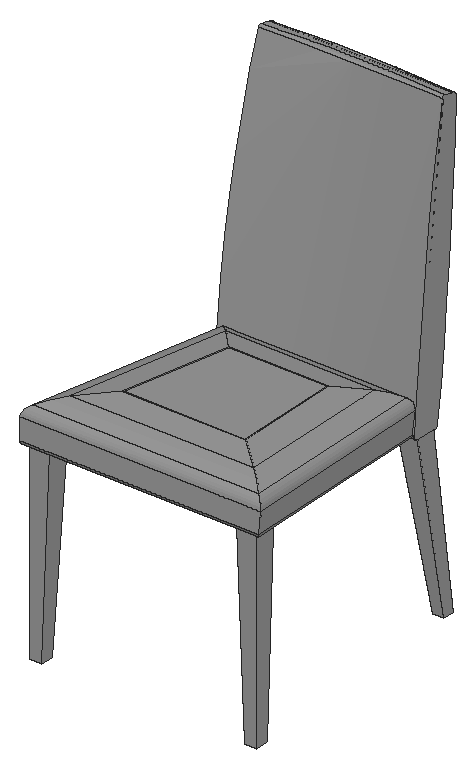
Revit family "Andreu World_Anna_SI1382", category Furniture, Revit 2013
Parameters (values of type "SI-1382")
  Wood = Andreu World Beech
  Width = 470 mm
  Upholstery Material = Andreu World Fabric
  URL = "http://www.andreuworld.com/"
  Seat Height = 460 mm
  Reference = "SI-1382"
  Model = "Anna"
  Manufacturer = "Andreu World"
  Height = 925 mm
  Front Legs Height = 435 mm
  Description = "Chair with upholstered seat and backrest and solid beech wood frame. High back version and removable covers."
  Depth = 565 mm
  Arms Height = 650 mm
Reference planes
  plane 1 "Center (Front/Back)": y = 0
  plane 2: z = 0
  plane 3 "Center (Left/Right)": x = 0
  plane 4 "Left": x = -235
  plane 5 "Right": x = 235
  plane 6 "Back": y = 282.5
  plane 7 "Front": y = -282.5
  plane 8 "Seat Height": z = 460
  plane 9 "Height": z = 925
  plane 10 "Front Legs Height": z = 435
  plane 11 "Back Legs 01": z = 353.275
  plane 12 "Back Legs Height": z = 895
  plane 13 "Seat Base": through (0, 154.276, 353.275) normal (0, 0.0684, 0.9977)
  plane 14 "Seat Top": through (0, -483.101, 492.171) normal (0, -0.0684, -0.9977)
Forms (mm)
  Blend 1, solid, material "Andreu World Beech" <- "Wood", detail levels medium+fine
    base sketch origin (0, 0, 0) x (1, 0, 0) y (0, 1, 0)
      loop
        line (227.951, -278.297) -> (227.951, -253.297) -> (202.951, -253.297) -> (202.951, -278.297) -> (227.951, -278.297)
    top sketch origin (0, 0, 0) x (1, 0, 0) y (0, 1, 0)
      loop
        line (227.951, -278.297) -> (227.951, -235.297) -> (184.951, -235.297) -> (184.951, -278.297) -> (227.951, -278.297)
    from 0 to 435
  Blend 2, solid, material "Andreu World Beech" <- "Wood", detail levels medium+fine
    base sketch origin (0, 0, 0) x (1, 0, 0) y (0, 1, 0)
      loop
        line (196.335, 251.827) -> (174.335, 251.827) -> (174.335, 229.827) -> (196.335, 229.827) -> (196.335, 251.827)
    top sketch origin (0, 0, 0) x (1, 0, 0) y (0, 1, 0)
      loop
        line (191.448, 206.776) -> (151.448, 206.776) -> (151.448, 166.776) -> (191.448, 166.776) -> (191.448, 206.776)
    from 0 to 353.275
  Blend 3, solid, material "Andreu World Beech" <- "Wood", detail levels medium+fine
    base sketch origin (0, 0, 0) x (-1, 0, 0) y (0, -1, 0)
      loop
        line (227.951, 278.297) -> (202.951, 278.297) -> (202.951, 253.297) -> (227.951, 253.297) -> (227.951, 278.297)
    top sketch origin (0, 0, 0) x (-1, 0, 0) y (0, -1, 0)
      loop
        line (227.951, 278.297) -> (184.951, 278.297) -> (184.951, 235.297) -> (227.951, 235.297) -> (227.951, 278.297)
    from 0 to 435
  Blend 4, solid, material "Andreu World Beech" <- "Wood", detail levels medium+fine
    base sketch origin (0, 0, 0) x (-1, 0, 0) y (0, -1, 0)
      loop
        line (196.335, -251.827) -> (196.335, -229.827) -> (174.335, -229.827) -> (174.335, -251.827) -> (196.335, -251.827)
    top sketch origin (0, 0, 0) x (-1, 0, 0) y (0, -1, 0)
      loop
        line (191.448, -206.776) -> (191.448, -166.776) -> (151.448, -166.776) -> (151.448, -206.776) -> (191.448, -206.776)
    from 0 to 353.275
  Extrusion 5, solid, material "Andreu World Fabric" <- "Upholstery Material", detail levels medium+fine
    sketch origin (0, 24.814, 362.146) x (0, 0.997661, -0.06836) y (-1, 0, 0)
      loop
        line (32.162, 101.99) -> (-204.866, 126.103) -> (-204.866, -120.169) -> (32.162, -96.055) -> (32.162, 101.99)
    from -0.12 to 95
  Sweep 6, solid, material "Andreu World Fabric" <- "Upholstery Material", detail levels medium+fine
    path origin (0, 24.814, 362.146) x (0, 0.997661, -0.06836) y (-1, 0, 0)
      loop
        line (-204.866, 126.103) -> (-204.866, -120.169) -> (32.162, -96.055) -> (32.162, 101.99) -> (-204.866, 126.103)
    profile origin (-2.967, -179.573, 376.151) x (0, 0.997661, -0.06836) y (0, 0.06836, 0.997661)
      loop
        arc (0, 95.057) -> (-27.887, 91.972) -> (-55.299, 85.995) r 268.495
        arc (-55.299, 85.995) -> (-75.105, 78.939) -> (-93.63, 68.993) r 139.838
        arc (-93.63, 68.993) -> (-102.999, 60.15) -> (-106.788, 47.837) r 25.257
        arc (-106.788, 47.837) -> (-106.843, 27.128) -> (-105.324, 6.474) r 272.409
        arc (-105.324, 6.474) -> (-103.641, 1.836) -> (-99.112, -0.12) r 6.223
        line (-99.112, -0.12) -> (0, -0.12) -> (0, 95.057)
  Sweep 7, solid, material "Andreu World Fabric" <- "Upholstery Material", detail levels medium+fine
    path origin (0, 2.567, 925) x (-1, 0, 0) y (0, -1, 0)
      loop
        arc (235, -259.831) -> (0, -273.667) -> (-235, -259.831) r 2002.606
    profile origin (0, 276.235, 925) x (0, 1, 0) y (0, 0, 1)
      loop
        line (-0.733, -1.341) -> (-20.748, 2.245)
        arc (-20.748, 2.245) -> (-24.345, 1.522) -> (-26.48, -1.462) r 5
        arc (-26.48, -1.462) -> (-83.058, -281.928) -> (-113.446, -566.424) r 3089.428
        arc (-113.446, -566.424) -> (-112.095, -570.152) -> (-108.455, -571.725) r 5
        line (-108.455, -571.725) -> (-63.229, -571.725)
        arc (-63.229, -571.725) -> (-59.904, -570.458) -> (-58.263, -567.301) r 5
        line (-58.263, -567.301) -> (6.344, -10.866)
        arc (6.344, -10.866) -> (4.693, -4.702) -> (-0.733, -1.341) r 8.662
  Extrusion 8, void
    sketch origin (0, 0, 0) x (1, 0, 0) y (0, 0, 1)
      loop
        line (-300, 353.275) -> (-200.361, 353.275)
        arc (-200.361, 353.275) -> (-195.855, 667.588) -> (-180, 981.533) r 8701.938
        line (-180, 981.533) -> (-300, 981.533) -> (-300, 353.275)
    from -392.28 to -84.235
  Extrusion 9, void
    sketch origin (0, 0, 0) x (-1, 0, 0) y (0, 0, -1)
      loop
        line (-300, -353.275) -> (-300, -981.533) -> (-180, -981.533)
        arc (-180, -981.533) -> (-195.855, -667.588) -> (-200.361, -353.275) r 8701.938
        line (-200.361, -353.275) -> (-300, -353.275)
    from -392.28 to -84.235
Cuts and joins
  Extrusion 8 cuts Blend 3
  Extrusion 8, Extrusion 9 cuts Sweep 7
Lines and regions (mm)
  model lines, detail levels coarse+medium
    curve 1: line (224.657, -286.673, 0) -> (-224.657, -286.673, 0)
    curve 2: arc (-191.92, 273.918, 0) -> (-0.592, 283.195, 0) -> (190.736, 273.918, 0) r 1977.781
    curve 3: line (-196.335, 229.827, 0) -> (-196.335, 251.827, 0)
    curve 4: line (-174.335, 229.827, 0) -> (-196.335, 229.827, 0)
    curve 5: line (-174.335, 251.827, 0) -> (-174.335, 229.827, 0)
    curve 6: line (174.335, 229.827, 0) -> (174.335, 251.827, 0)
    curve 7: line (196.335, 229.827, 0) -> (174.335, 229.827, 0)
    curve 8: line (196.335, 251.827, 0) -> (196.335, 229.827, 0)
    curve 9: line (174.335, 251.827, 0) -> (196.335, 251.827, 0)
    curve 10: line (202.951, -278.297, 0) -> (227.951, -278.297, 0)
    curve 11: line (202.951, -278.297, 0) -> (202.951, -253.297, 0)
    curve 12: line (202.951, -253.297, 0) -> (227.951, -253.297, 0)
    curve 13: line (227.951, -278.297, 0) -> (227.951, -253.297, 0)
    curve 14: line (-227.951, -253.297, 0) -> (-227.951, -278.297, 0)
    curve 15: line (-227.951, -253.297, 0) -> (-202.951, -253.297, 0)
    curve 16: line (-202.951, -253.297, 0) -> (-202.951, -278.297, 0)
    curve 17: line (-227.951, -278.297, 0) -> (-202.951, -278.297, 0)
    curve 18: arc (224.657, -286.673, 0) -> (232.078, -283.376, 0) -> (234.605, -275.659, 0) r 10
    curve 19: line (-200.953, 128.829, 0) -> (-234.605, -275.659, 0)
    curve 20: arc (-224.657, -286.673, 0) -> (-232.078, -283.376, 0) -> (-234.605, -275.659, 0) r 10
    curve 21: line (-200.953, 128.829, 0) -> (-200.953, 263.965, 0)
    curve 22: line (199.768, 263.965, 0) -> (199.768, 143.067, 0)
    curve 23: line (234.605, -275.659, 0) -> (199.768, 143.067, 0)
    curve 24: arc (-200.953, 163.201, 0) -> (-0.594, 167.664, 0) -> (199.768, 163.327, 0) r 4563.76
    curve 25: arc (-191.92, 273.918, 0) -> (-198.358, 270.686, 0) -> (-200.953, 263.965, 0) r 10
    curve 26: arc (199.768, 263.965, 0) -> (197.174, 270.686, 0) -> (190.736, 273.918, 0) r 10
    curve 27: line (-196.335, 251.827, 0) -> (-174.335, 251.827, 0)
Dimensions and locks
  "Width": plane 4 "Left" to plane 5 "Right"
  equal spacing: plane 4 "Left", plane 3 "Center (Left/Right)", plane 5 "Right"
  "Depth": plane 6 "Back" to plane 7 "Front"
  equal spacing: plane 6 "Back", plane 1 "Center (Front/Back)", plane 7 "Front"
  "Seat Height": plane 8 "Seat Height" to level
  "Height": plane 9 "Height" to level
  "Front Legs Height": plane 10 "Front Legs Height" to level
  locked: plane 9 "Height" to plane 12 "Back Legs Height" at 30
  plane 8 "Seat Height" to plane 10 "Front Legs Height" = 25 mm
  aligned and locked: level to plane 2
  aligned and locked: Blend 1 sketch curve to var sketch  (x2)
  aligned and locked: Blend 1 to level
  aligned and locked: Blend 2 to plane 11 "Back Legs 01"
  aligned and locked: Blend 2 to level
  aligned and locked: Blend 3 sketch curve to var sketch  (x2)
  aligned and locked: Extrusion 5 to plane 14 "Seat Top"
  aligned and locked: Sweep 6 sketch curve to Extrusion 5  (x5)
  aligned and locked: curve 27 to Blend 4
Automatic sketch dimensions
  plane 7 "Front" to Blend 1 sketch curve = 4.203 mm
  Blend 1 sketch curve to plane 5 "Right" = 32.049 mm
  Blend 1 sketch curve to plane 5 "Right" = 7.049 mm
  plane 7 "Front" to Blend 1 sketch curve = 29.203 mm
  Blend 1 sketch curve to plane 5 "Right" = 50.049 mm
  plane 7 "Front" to Blend 1 sketch curve = 47.203 mm
  Blend 2 sketch curve to plane 5 "Right" = 60.665 mm
  Blend 2 sketch curve to plane 6 "Back" = 52.673 mm
  Blend 2 sketch curve to Blend 2 sketch curve = 22 mm  (x2)
  Blend 2 sketch curve to plane 5 "Right" = 83.552 mm
  Blend 2 sketch curve to plane 5 "Right" = 43.552 mm
  Blend 2 sketch curve to plane 6 "Back" = 115.724 mm
  Blend 2 sketch curve to Blend 2 sketch curve = 40 mm
  Blend 3 sketch curve to plane 7 "Front" = 4.203 mm
  Blend 3 sketch curve to plane 4 "Left" = 32.049 mm
  Blend 3 sketch curve to plane 4 "Left" = 7.049 mm
  Blend 3 sketch curve to plane 7 "Front" = 29.203 mm
  Blend 3 sketch curve to plane 4 "Left" = 50.049 mm
  Blend 3 sketch curve to plane 7 "Front" = 47.203 mm
  Blend 4 sketch curve to plane 4 "Left" = 60.665 mm
  plane 6 "Back" to Blend 4 sketch curve = 52.673 mm
  Blend 4 sketch curve to Blend 4 sketch curve = 22 mm  (x2)
  Blend 4 sketch curve to plane 4 "Left" = 83.552 mm
  Blend 4 sketch curve to plane 4 "Left" = 43.552 mm
  plane 6 "Back" to Blend 4 sketch curve = 115.724 mm
  Blend 4 sketch curve to Blend 4 sketch curve = 40 mm
  plane 4 "Left" to Extrusion 5 sketch curve = 108.897 mm
  Extrusion 5 sketch curve to plane 5 "Right" = 114.831 mm
  plane 3 "Center (Left/Right)" to Extrusion 5 sketch curve = 96.055 mm
  Extrusion 5 sketch curve to plane 3 "Center (Left/Right)" = 101.99 mm
  Extrusion 5 sketch curve to Extrusion 5 sketch curve = 237.028 mm
  Sweep 6 sketch curve to plane 13 "Seat Base" = 0.12 mm
  profile plane to Sweep 6 sketch curve = 99.112 mm
  plane 13 "Seat Base" to Sweep 6 sketch curve = 95.057 mm
  Sweep 6 sketch curve to Sweep 6 sketch curve = 7.677 mm
  Sweep 6 sketch curve to Sweep 6 sketch curve = 0 mm  (x2)
  Sweep 6 sketch curve to Sweep 6 sketch curve = 6.212 mm
  Sweep 6 sketch curve to Sweep 6 sketch curve = 13.158 mm
  Sweep 6 sketch curve to Sweep 6 sketch curve = 12.078 mm
  Sweep 6 sketch curve to Sweep 6 sketch curve = 38.331 mm
  profile plane to Sweep 6 sketch curve = 18.407 mm
  Sweep 6 sketch curve to profile plane = 15.535 mm
  plane 13 "Seat Base" to Sweep 6 sketch curve = 36.765 mm
  Sweep 6 sketch curve to profile plane = 165.396 mm
  Sweep 6 sketch curve to plane 13 "Seat Base" = 172.988 mm
  Sweep 7 sketch curve to plane 5 "Right" = 0 mm
  Sweep 7 sketch curve to plane 3 "Center (Left/Right)" = 0 mm
  Sweep 7 sketch curve to plane 4 "Left" = 0 mm
  Sweep 7 sketch curve to plane 6 "Back" = 20.101 mm
  Sweep 7 sketch curve to plane 7 "Front" = 1443.872 mm
  Extrusion 8 sketch curve to plane 11 "Back Legs 01" = 0 mm
  Extrusion 8 sketch curve to plane 4 "Left" = 65 mm
  plane 9 "Height" to Extrusion 8 sketch curve = 56.533 mm
  plane 4 "Left" to Extrusion 8 sketch curve = 34.639 mm
  Extrusion 8 sketch curve to Extrusion 8 sketch curve = 120 mm
  Extrusion 8 sketch curve to plane 11 "Back Legs 01" = 32.446 mm
  Extrusion 9 sketch curve to plane 11 "Back Legs 01" = 0 mm
  Extrusion 9 sketch curve to plane 5 "Right" = 65 mm
  Extrusion 9 sketch curve to plane 9 "Height" = 56.533 mm
  plane 5 "Right" to Extrusion 9 sketch curve = 34.639 mm
  Extrusion 9 sketch curve to Extrusion 9 sketch curve = 120 mm
  plane 11 "Back Legs 01" to Extrusion 9 sketch curve = 32.446 mm
  profile plane to Sweep 7 sketch curve = 108.455 mm
  profile plane to Sweep 7 sketch curve = 63.229 mm
  Sweep 7 sketch curve to plane 9 "Height" = 571.725 mm
  Sweep 7 sketch curve to Sweep 7 sketch curve = 4.967 mm
  plane 9 "Height" to Sweep 7 sketch curve = 2.245 mm
  profile plane to Sweep 7 sketch curve = 20.748 mm
  profile plane to Sweep 7 sketch curve = 0.733 mm
  Sweep 7 sketch curve to profile plane = 6.344 mm
  Sweep 7 sketch curve to Sweep 7 sketch curve = 4.991 mm
  Sweep 7 sketch curve to Sweep 7 sketch curve = 0 mm  (x2)
  Sweep 7 sketch curve to plane 9 "Height" = 1.462 mm
  Sweep 7 sketch curve to Sweep 7 sketch curve = 5.732 mm
  Sweep 7 sketch curve to plane 9 "Height" = 2.677 mm
  profile plane to Sweep 7 sketch curve = 2.26 mm
  Sweep 7 sketch curve to Sweep 7 sketch curve = 4.423 mm
  Sweep 7 sketch curve to plane 9 "Height" = 10.866 mm
  Sweep 7 sketch curve to plane 9 "Height" = 1.341 mm
  plane 4 "Left" to curve 19 = 0.395 mm
  curve 1 to plane 7 "Front" = 4.173 mm
  plane 4 "Left" to curve 17 = 7.049 mm
  curve 14 to curve 1 = 3.294 mm
  plane 7 "Front" to curve 17 = 4.203 mm
  curve 20 to curve 17 = 21.706 mm
  plane 4 "Left" to curve 21 = 34.047 mm
  curve 25 to curve 3 = 4.618 mm
  curve 3 to curve 4 = 22 mm
  curve 6 to plane 5 "Right" = 60.665 mm
  curve 6 to curve 8 = 22 mm
  curve 22 to plane 5 "Right" = 35.232 mm
  plane 7 "Front" to curve 11 = 4.203 mm
  curve 11 to plane 5 "Right" = 32.049 mm
  curve 1 to plane 5 "Right" = 10.343 mm
  curve 13 to plane 5 "Right" = 7.049 mm
  curve 23 to plane 5 "Right" = 0.395 mm
  curve 25 to plane 6 "Back" = 8.582 mm
  curve 25 to curve 25 = 9.033 mm
  curve 2 to curve 25 = 0 mm
  curve 2 to curve 25 = 0.967 mm
  curve 2 to plane 3 "Center (Left/Right)" = 0.592 mm
  plane 3 "Center (Left/Right)" to curve 24 = 0.835 mm
  curve 26 to curve 26 = 10 mm
  curve 26 to curve 2 = 0.967 mm
  plane 7 "Front" to curve 19 = 6.841 mm
  plane 7 "Front" to curve 23 = 6.841 mm
  curve 16 to curve 16 = 25 mm
  curve 10 to curve 12 = 25 mm
  curve 19 to curve 3 = 122.999 mm
  curve 22 to curve 22 = 120.898 mm
  curve 7 to curve 26 = 34.138 mm
  curve 5 to curve 5 = 22 mm
  curve 9 to curve 26 = 12.138 mm
  curve 24 to curve 2 = 2701.509 mm
  curve 19 to curve 24 = 34.372 mm
